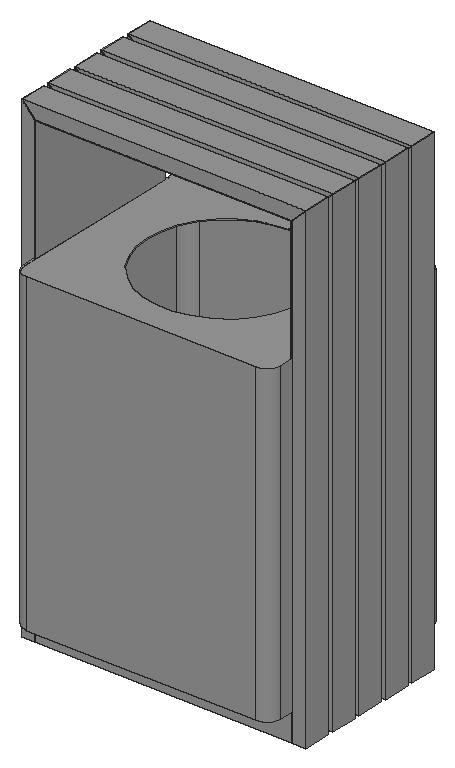
Revit family "Урна стальная «Арго» Арт 19648", category Антураж, Revit 2018
Family settings
  На основе рабочей плоскости = Нет
  Всегда вертикально = Да
  При загрузке вырезать с полостями = Нет
  Источник визуального образа = Геометрия семейства
  Общий = Нет
  Точка расчета площади = Нет
Parameters (values of type "Урна стальная «Арго». Версия «Ангарская сосна»")
  Ширина = 470 mm  # constant formula
  Цвет урны = Сталь
  Цвет отделки = Ангарская сосна
  Описание = if(Ангарская сосна, "Урна стальная «Арго». Версия «Ангарская сосна»", "Урна стальная «Арго». Версия «Композит»")  # "Урна стальная «Арго». Версия «Ангарская сосна»"
  Материал изделия = if(Ангарская сосна, "Сталь, дерево", "Сталь, композит")  # "Сталь, дерево"
  Композит = not(Ангарская сосна)  # no
  Изображение типоразмера = Урна стальная «Арго» Арт 19648.jpg
  Изготовитель = "ООО «Хоббика»"  # constant formula
  Длина = 620 mm  # constant formula
  Группа модели = "Уличные урны"  # constant formula
  Высота = 1050 mm  # constant formula
  Артикул товара = "Арт. 19648"  # constant formula
  Ангарская сосна = yes
  URL = "https://hobbyka.ru/product/urna_stalnaya_argo/"
Types (3, lengths in mm): name | Цвет отделки | Описание | Материал изделия | Композит | Ангарская сосна
  (no name) | Ангарская сосна | "Урна стальная «Арго». Версия «Ангарская сосна»" | "Сталь, дерево" | no | yes
  Урна стальная «Арго». Версия «Ангарская сосна» | Ангарская сосна | "Урна стальная «Арго». Версия «Ангарская сосна»" | "Сталь, дерево" | no | yes
  Урна стальная «Арго». Версия «Композит» | Композит | "Урна стальная «Арго». Версия «Композит»" | "Сталь, композит" | yes | no
Reference planes
  plane 1 "По центру (Вперед/Назад)": y = 0
  plane 2: z = 0
  plane 3 "По центру (Влево/Вправо)": x = 0
  plane 4: y = 470
  plane 5: x = 620
  plane 6: z = 1050
Forms (mm)
  Extrusion 1, solid, material "Сталь" <- "Цвет урны"
    sketch origin (0, 0, 0) x (1, 0, 0) y (0, 1, 0)
      loop
        arc (60, 470) -> (38.787, 461.213) -> (30, 440) r 30
        line (30, 440) -> (30, 30)
        arc (30, 30) -> (38.787, 8.787) -> (60, 0) r 30
        line (60, 0) -> (560, 0)
        arc (560, 0) -> (581.213, 8.787) -> (590, 30) r 30
        line (590, 30) -> (590, 440)
        arc (590, 440) -> (581.213, 461.213) -> (560, 470) r 30
        line (560, 470) -> (60, 470)
    from 60 to 750
  Extrusion 2, solid, material "Сталь" <- "Цвет урны"
    sketch origin (0, 0, 0) x (1, 0, 0) y (0, 1, 0)
      loop
        line (30, 410) -> (30, 60) -> (590, 60) -> (590, 410) -> (30, 410)
    from 0 to 60
  Extrusion 3, solid, material "Ангарская сосна" <- "Цвет отделки"
    sketch origin (0, 0, 0) x (1, 0, 0) y (0, 0, 1)
      loop
        line (30, 0) -> (30, 1020) -> (0, 1050) -> (0, 0) -> (30, 0)
      loop
        line (590, 0) -> (620, 0) -> (620, 1050) -> (590, 1020) -> (590, 0)
    from -60 to -120
  Extrusion 4, solid, material "Ангарская сосна" <- "Цвет отделки"
    sketch origin (0, 0, 0) x (1, 0, 0) y (0, 0, 1)
      loop
        line (30, 0) -> (30, 1020) -> (0, 1050) -> (0, 0) -> (30, 0)
      loop
        line (590, 0) -> (620, 0) -> (620, 1050) -> (590, 1020) -> (590, 0)
    from -132.5 to -192.5
  Extrusion 5, solid, material "Ангарская сосна" <- "Цвет отделки"
    sketch origin (0, 0, 0) x (1, 0, 0) y (0, 0, 1)
      loop
        line (30, 0) -> (30, 1020) -> (0, 1050) -> (0, 0) -> (30, 0)
      loop
        line (590, 0) -> (620, 0) -> (620, 1050) -> (590, 1020) -> (590, 0)
    from -205 to -265
  Extrusion 6, solid, material "Ангарская сосна" <- "Цвет отделки"
    sketch origin (0, 0, 0) x (1, 0, 0) y (0, 0, 1)
      loop
        line (30, 0) -> (30, 1020) -> (0, 1050) -> (0, 0) -> (30, 0)
      loop
        line (590, 0) -> (620, 0) -> (620, 1050) -> (590, 1020) -> (590, 0)
    from -277.5 to -337.5
  Extrusion 7, solid, material "Ангарская сосна" <- "Цвет отделки"
    sketch origin (0, 0, 0) x (1, 0, 0) y (0, 0, 1)
      loop
        line (30, 0) -> (30, 1020) -> (0, 1050) -> (0, 0) -> (30, 0)
      loop
        line (590, 0) -> (620, 0) -> (620, 1050) -> (590, 1020) -> (590, 0)
    from -350 to -410
  Extrusion 8, solid, material "Ангарская сосна" <- "Цвет отделки"
    sketch origin (0, 0, 0) x (1, 0, 0) y (0, 0, 1)
      loop
        line (0, 1050) -> (30, 1020) -> (590, 1020) -> (620, 1050) -> (0, 1050)
    from -60 to -120
  Extrusion 9, solid, material "Ангарская сосна" <- "Цвет отделки"
    sketch origin (0, 0, 0) x (1, 0, 0) y (0, 0, 1)
      loop
        line (0, 1050) -> (30, 1020) -> (590, 1020) -> (620, 1050) -> (0, 1050)
    from -132.5 to -192.5
  Extrusion 10, solid, material "Ангарская сосна" <- "Цвет отделки"
    sketch origin (0, 0, 0) x (1, 0, 0) y (0, 0, 1)
      loop
        line (0, 1050) -> (30, 1020) -> (590, 1020) -> (620, 1050) -> (0, 1050)
    from -205 to -265
  Extrusion 11, solid, material "Ангарская сосна" <- "Цвет отделки"
    sketch origin (0, 0, 0) x (1, 0, 0) y (0, 0, 1)
      loop
        line (0, 1050) -> (30, 1020) -> (590, 1020) -> (620, 1050) -> (0, 1050)
    from -277.5 to -337.5
  Extrusion 12, solid, material "Ангарская сосна" <- "Цвет отделки"
    sketch origin (0, 0, 0) x (1, 0, 0) y (0, 0, 1)
      loop
        line (0, 1050) -> (30, 1020) -> (590, 1020) -> (620, 1050) -> (0, 1050)
    from -350 to -410
  Extrusion 13, solid, material "Сталь" <- "Цвет урны"
    sketch origin (0, 0, 0) x (1, 0, 0) y (0, 0, 1)
      loop
        line (30, 750) -> (32, 750) -> (32, 1018) -> (588, 1018) -> (588, 750) -> (590, 750) -> (590, 1020) -> (30, 1020) -> (30, 750)
    from -60 to -410
  Extrusion 14, void
    sketch origin (0, 0, 0) x (1, 0, 0) y (0, 1, 0)
      loop
        arc (60, 468) -> (40.201, 459.799) -> (32, 440) r 28
        line (32, 440) -> (32, 30)
        arc (32, 30) -> (40.201, 10.201) -> (60, 2) r 28
        line (60, 2) -> (560, 2)
        arc (560, 2) -> (579.799, 10.201) -> (588, 30) r 28
        line (588, 30) -> (588, 440)
        arc (588, 440) -> (579.799, 459.799) -> (560, 468) r 28
        line (560, 468) -> (60, 468)
    from 62 to 748
  Extrusion 15, void
    sketch origin (0, 0, 0) x (1, 0, 0) y (0, 1, 0)
      loop
        circle (310, 235) r 175
    from 360.068 to 774.192
Cuts and joins
  Extrusion 14, Extrusion 15 cuts Extrusion 1
  joined: Extrusion 1, Extrusion 13
  Extrusion 14, Extrusion 15 cuts Extrusion 2
Dimensions and locks
  "Длина": plane 5 to plane 3 "По центру (Влево/Вправо)"
  "Ширина": plane 4 to plane 1 "По центру (Вперед/Назад)"
  "Высота": plane 6 to plane 2
  aligned and locked: level to plane 2
Automatic sketch dimensions
  plane 1 "По центру (Вперед/Назад)" to Extrusion 1 sketch curve = 0 mm
  Extrusion 1 sketch curve to plane 4 = 0 mm
  plane 3 "По центру (Влево/Вправо)" to Extrusion 1 sketch curve = 30 mm
  Extrusion 1 sketch curve to Extrusion 1 sketch curve = 30 mm  (x2)
  Extrusion 1 sketch curve to plane 5 = 60 mm  (x2)
  Extrusion 1 sketch curve to plane 4 = 30 mm
  plane 3 "По центру (Влево/Вправо)" to Extrusion 2 sketch curve = 30 mm
  Extrusion 2 sketch curve to plane 5 = 30 mm
  Extrusion 2 sketch curve to plane 1 "По центру (Вперед/Назад)" = 60 mm
  Extrusion 2 sketch curve to plane 4 = 60 mm
  Extrusion 3 sketch curve to level = 0 mm  (x2)
  Extrusion 3 sketch curve to plane 3 "По центру (Влево/Вправо)" = 0 mm
  Extrusion 3 sketch curve to plane 5 = 0 mm
  Extrusion 3 sketch curve to plane 6 = 0 mm  (x2)
  plane 3 "По центру (Влево/Вправо)" to Extrusion 3 sketch curve = 30 mm
  Extrusion 3 sketch curve to Extrusion 3 sketch curve = 30 mm
  Extrusion 3 sketch curve to plane 6 = 30 mm  (x2)
  Extrusion 4 sketch curve to level = 0 mm  (x2)
  Extrusion 4 sketch curve to plane 3 "По центру (Влево/Вправо)" = 0 mm
  Extrusion 4 sketch curve to plane 5 = 0 mm
  Extrusion 4 sketch curve to plane 6 = 0 mm  (x2)
  plane 3 "По центру (Влево/Вправо)" to Extrusion 4 sketch curve = 30 mm
  Extrusion 4 sketch curve to Extrusion 4 sketch curve = 30 mm
  Extrusion 4 sketch curve to plane 6 = 30 mm  (x2)
  Extrusion 5 sketch curve to level = 0 mm  (x2)
  Extrusion 5 sketch curve to plane 3 "По центру (Влево/Вправо)" = 0 mm
  Extrusion 5 sketch curve to plane 5 = 0 mm
  Extrusion 5 sketch curve to plane 6 = 0 mm  (x2)
  plane 3 "По центру (Влево/Вправо)" to Extrusion 5 sketch curve = 30 mm
  Extrusion 5 sketch curve to Extrusion 5 sketch curve = 30 mm
  Extrusion 5 sketch curve to plane 6 = 30 mm  (x2)
  Extrusion 6 sketch curve to level = 0 mm  (x2)
  Extrusion 6 sketch curve to plane 3 "По центру (Влево/Вправо)" = 0 mm
  Extrusion 6 sketch curve to plane 5 = 0 mm
  Extrusion 6 sketch curve to plane 6 = 0 mm  (x2)
  plane 3 "По центру (Влево/Вправо)" to Extrusion 6 sketch curve = 30 mm
  Extrusion 6 sketch curve to Extrusion 6 sketch curve = 30 mm
  Extrusion 6 sketch curve to plane 6 = 30 mm  (x2)
  Extrusion 7 sketch curve to level = 0 mm  (x2)
  Extrusion 7 sketch curve to plane 3 "По центру (Влево/Вправо)" = 0 mm
  Extrusion 7 sketch curve to plane 5 = 0 mm
  Extrusion 7 sketch curve to plane 6 = 0 mm  (x2)
  plane 3 "По центру (Влево/Вправо)" to Extrusion 7 sketch curve = 30 mm
  Extrusion 7 sketch curve to Extrusion 7 sketch curve = 30 mm
  Extrusion 7 sketch curve to plane 6 = 30 mm  (x2)
  Extrusion 8 sketch curve to plane 3 "По центру (Влево/Вправо)" = 0 mm
  Extrusion 8 sketch curve to plane 5 = 0 mm
  Extrusion 8 sketch curve to plane 6 = 0 mm
  plane 3 "По центру (Влево/Вправо)" to Extrusion 8 sketch curve = 30 mm
  Extrusion 8 sketch curve to plane 5 = 30 mm
  Extrusion 8 sketch curve to plane 6 = 30 mm
  Extrusion 9 sketch curve to plane 3 "По центру (Влево/Вправо)" = 0 mm
  Extrusion 9 sketch curve to plane 5 = 0 mm
  Extrusion 9 sketch curve to plane 6 = 0 mm
  plane 3 "По центру (Влево/Вправо)" to Extrusion 9 sketch curve = 30 mm
  Extrusion 9 sketch curve to plane 5 = 30 mm
  Extrusion 9 sketch curve to plane 6 = 30 mm
  Extrusion 10 sketch curve to plane 3 "По центру (Влево/Вправо)" = 0 mm
  Extrusion 10 sketch curve to plane 5 = 0 mm
  Extrusion 10 sketch curve to plane 6 = 0 mm
  plane 3 "По центру (Влево/Вправо)" to Extrusion 10 sketch curve = 30 mm
  Extrusion 10 sketch curve to plane 5 = 30 mm
  Extrusion 10 sketch curve to plane 6 = 30 mm
  Extrusion 11 sketch curve to plane 3 "По центру (Влево/Вправо)" = 0 mm
  Extrusion 11 sketch curve to plane 5 = 0 mm
  Extrusion 11 sketch curve to plane 6 = 0 mm
  plane 3 "По центру (Влево/Вправо)" to Extrusion 11 sketch curve = 30 mm
  Extrusion 11 sketch curve to plane 5 = 30 mm
  Extrusion 11 sketch curve to plane 6 = 30 mm
  Extrusion 12 sketch curve to plane 3 "По центру (Влево/Вправо)" = 0 mm
  Extrusion 12 sketch curve to plane 5 = 0 mm
  Extrusion 12 sketch curve to plane 6 = 0 mm
  plane 3 "По центру (Влево/Вправо)" to Extrusion 12 sketch curve = 30 mm
  Extrusion 12 sketch curve to plane 5 = 30 mm
  Extrusion 12 sketch curve to plane 6 = 30 mm
  plane 3 "По центру (Влево/Вправо)" to Extrusion 13 sketch curve = 30 mm
  Extrusion 13 sketch curve to Extrusion 13 sketch curve = 2 mm  (x3)
  Extrusion 13 sketch curve to plane 5 = 32 mm
  Extrusion 13 sketch curve to plane 6 = 300 mm
  Extrusion 13 sketch curve to plane 6 = 32 mm
  Extrusion 13 sketch curve to Extrusion 13 sketch curve = 268 mm
  Extrusion 14 sketch curve to plane 4 = 2 mm
  Extrusion 14 sketch curve to plane 1 "По центру (Вперед/Назад)" = 2 mm
  plane 3 "По центру (Влево/Вправо)" to Extrusion 14 sketch curve = 32 mm
  Extrusion 14 sketch curve to Extrusion 14 sketch curve = 28 mm  (x2)
  Extrusion 14 sketch curve to plane 5 = 60 mm  (x2)
  Extrusion 14 sketch curve to plane 1 "По центру (Вперед/Назад)" = 30 mm
  plane 3 "По центру (Влево/Вправо)" to Extrusion 15 sketch curve = 310 mm
  Extrusion 15 sketch curve to plane 1 "По центру (Вперед/Назад)" = 235 mm
  radius of Extrusion 15 sketch curve = 175 mm
